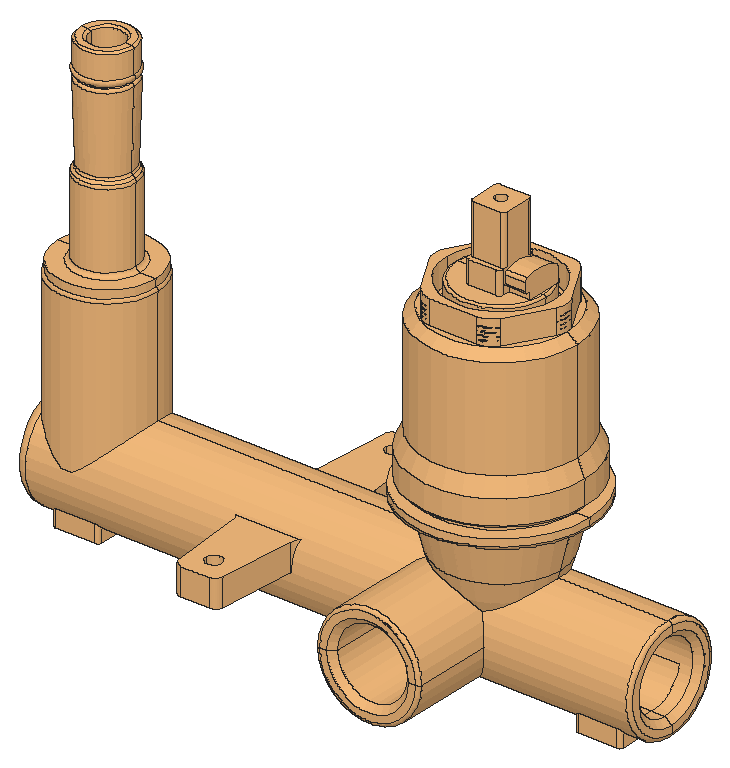
Revit family "Faucet-Valve_Trim-KOHLER-K-26088T_1", category Plumbing Fixtures, host Face, Revit 2017
Family settings
  Host = Face
  Round Connector Dimension = Use Diameter
  Part Type = Normal
  OmniClass Number = 23.31.11.00
  OmniClass Title = Faucets
  Cut with Voids When Loaded = No
  Shared = No
  Room Calculation Point = No
Parameters (values of type "NA")
  Width = 5 75/128"  # constant formula
  WaterSense Certified = 1 = 0  # no
  Waste Water Outlet = "Waste Water Outlet"  # constant formula
  Waste Connection = 1 = 0  # no
  Vent Connection = 1 = 0  # no
  URL = "http://www.kohler.com.cn/"
  Type = 1
  Product Page URL = ""
  Product Name = ""
  Product Documentation Link = ""
  Pressure = 0.00 psi
  Model = "K-26088T-NA"  # constant formula
  Material = "Premium Metal Construction"  # constant formula
  Master Format 2014 Name = "Residential Faucets, Supplies, and Trim"  # constant formula
  Master Format 2014 = "22 41 39"  # constant formula
  Manufacturer Address = "Kohler Beijing Office (100016)\n36-2-03-B, No. 88, Liuxiang Road, Beijing"  # constant formula
  Manufacturer = "KOHLER Co."  # constant formula
  Length = 2 1/8"  # constant formula
  Hot Water Inlet = "Hot Water Inlet"  # constant formula
  Height = 4 95/256"  # constant formula
  HW Connection = 1 = 1  # yes
  Flow Rate = 0 GPM
  Finish = Kohler-Metal-Brass
  Environmental Product Declaration = ""
  Drain Included = 1 = 0  # no
  Description = "SINGLE CONTROL WM LAV VALVE 6P"  # constant formula
  Default Elevation = 36"
  Declare Label = ""
  Date Modified = "08/19/2021"  # constant formula
  Date Created = "08/19/2021"  # constant formula
  Copyright = "Copyright KOHLER Co."  # constant formula
  Contact Us = "http://www.kohler.com.cn/contact/contact-us/"
  Cold Water Inlet = "Cold Water Inlet"  # constant formula
  CW Connection = 1 = 1  # yes
  Assembly Code = "D2010"
  ADA Compliant = 1 = 0  # no
Reference planes (in)
  plane 1 "Center (Front/Back)": y = 0
  plane 2: z = 0
  plane 3 "Center (Left/Right)": x = 0
  plane 4: x = 3.06299
  plane 5: x = 2
  plane 6: x = -2
  plane 7: x = 0.93701
  plane 8: x = 1.72228
  plane 9: z = -1.61059
  plane 10: z = -1.08284
  plane 11: z = 1.39748
  plane 12: z = 0.92504
  plane 13: y = 1.06299
  plane 14: y = 0.55118
  plane 15: y = -1.06201
  plane 16: y = -0.55118
  plane 17: x = 3.73228
  plane 18: z = 2.7605
  plane 19: x = -1.47638
  plane 20: x = -2.52295
Forms (in)
  Revolve 1, void
    sketch origin (0, 0, 0) x (1, 0, 0) y (0, 0, 1)
      loop
        line (-1.47829, -0.55528) -> (-1.47829, 0.16265) -> (-2, 0.16265) -> (-2, -0.55528) -> (-1.47829, -0.55528)
      axis (-2, -0.55528) -> (-2, 0.16265)
    angle from 0 to 360
  Revolve 2, void
    sketch origin (0, 0, 0) x (1, 0, 0) y (0, 0, 1)
      loop
        line (2, 0.10938) -> (2, -0.55528) -> (2.76547, -0.55528) -> (2.76547, 0.10938) -> (2, 0.10938)
      axis (2, 0.10938) -> (2, -0.55528)
    angle from 0 to 360
  Extrusion 3, void
    sketch origin (0, 0, 0) x (1, 0, 0) y (0, 0, 1)
      loop
        line (3.75, -1.61059) -> (3.75, -0.32551) -> (-2.54961, -0.32551) -> (-2.54961, -1.61059) -> (3.75, -1.61059)
    from -1.41555 to 1.3948
Dimensions and locks (in)
  "Length": plane 13 to plane 15
  plane 12 to plane 10 = 2.00787"
  plane 11 to plane 12 = 0.47244"
  plane 6 to plane 5 = 4"
  "Height": plane 18 to plane 9
  "Width": plane 20 to plane 4
  aligned and locked: plane 2 to host face
  aligned and locked: level to host face
Automatic sketch dimensions
  host sketch curve to host sketch curve = 96"  (x2)
  plane 6 to Revolve 1 sketch curve = 0"  (x2)
  Revolve 1 sketch curve to level = 0"
  plane 10 to Revolve 1 sketch curve = 0.52756"
  level to Revolve 1 sketch curve = 0.16265"
  Revolve 1 sketch curve to Revolve 1 sketch curve = 0.00667"
  Revolve 2 sketch curve to plane 5 = 0"  (x2)
  Revolve 2 sketch curve to plane 4 = 0.29752"
  plane 10 to Revolve 2 sketch curve = 0.52756"
  level to Revolve 2 sketch curve = 7/64"
  Revolve 2 sketch curve to Revolve 2 sketch curve = 0"
  plane 10 to Revolve 2 sketch curve = 0.02756"
  Extrusion 3 sketch curve to plane 9 = 0"
  Extrusion 3 sketch curve to plane 17 = 0.01772"
  Extrusion 3 sketch curve to level = 0.32551"
  Revolve 1 sketch curve to Revolve 1 sketch curve = 0.52171"
  plane 20 to Extrusion 3 sketch curve = 0.02667"
Nested families (in)
  nested 1: "K-26088T" at (0, 0.5215, 0), type "K-26088T"
Connectors (in)
  piping at (3.73228, 0, -1.08284), diameter 0.5, driven by "CW Connection", driven by "Cold Water Inlet"
    settings: on nested 1, index 1, connector inside diameter 24", connector length 0", flow factor 0, pipe flow 0 GPM, pressure drop 0.00 psi, fitting loss kfactor 0, connector angle 0.00°, fixture units 0, engagement length 0", angle of deflection 0.00°, flow configuration 0, flow direction 1, fitting loss method 0, system type 20, joint type 0, gender type 0, connector reference index -1, connector utility 1, adjustable connector no, is connector primary yes, connector description "Cold Water Inlet"
  piping at (1.72228, -1.33858, -1.08284), diameter 0.5, driven by "HW Connection", driven by "Hot Water Inlet"
    settings: on nested 1, index 2, connector inside diameter 24", connector length 0", flow factor 0, pipe flow 0 GPM, pressure drop 0.00 psi, fitting loss kfactor 0, connector angle 0.00°, fixture units 0, engagement length 0", angle of deflection 0.00°, flow configuration 0, flow direction 1, fitting loss method 0, system type 19, joint type 0, gender type 0, connector reference index -1, connector utility 1, adjustable connector no, is connector primary no, connector description "Hot Water Inlet"
Definition of nested family "K-26088T"
  Parameters (values of type "K-26088T")
    material = none
  Reference planes (in)
    plane 1 "Center (Front/Back)": y = -0.5215
    plane 2: z = 0
    plane 3 "Center (Left/Right)": x = 0
    plane 4: x = 2
    plane 5: x = -2
    plane 6: x = 3.06299
    plane 7: x = -1.47638
    plane 8: x = -2.55118
    plane 9: x = 0.93701
    plane 10: y = -1.86009
    plane 11: y = -1.5845
    plane 12: y = -1.04193
    plane 13: y = 0.85645
    plane 14: y = 0.54149
    plane 15: x = 1.72228
    plane 16: z = 2.75959
    plane 17: z = 0.92504
    plane 18: z = 1.39748
    plane 19: z = -1.61039
    plane 20: z = -1.08284
    plane 21: z = -0.55528
    plane 22: x = 3.73228
    plane 23: y = -0.00108
    plane 24: x = -2.52362
  Forms (in)
    Revolve 1, solid, detail levels medium+fine
      sketch origin (0, -0.5215, -1.08284) x (1, 0, 0) y (0, 0, -1)
        loop
          line (3.73228, 0.41885) -> (3.73228, 0.48819)
          arc (3.73228, 0.48819) -> (3.72075, 0.51603) -> (3.69291, 0.52756) r 0.03937
          line (3.69291, 0.52756) -> (-2.40194, 0.52756)
          arc (-2.40194, 0.52756) -> (-2.49077, 0.49077) -> (-2.52756, 0.40194) r 0.12562
          line (-2.52756, 0.40194) -> (-2.52756, 0) -> (-2.40945, 0) -> (-2.40945, 0.35471) -> (3.66815, 0.35471) -> (3.73228, 0.41885)
        axis (3.73228, 0) -> (-2.52756, 0)
      angle from 0 to 360
    Revolve 2, solid, detail levels medium+fine
      sketch origin (0, -0.5215, -1.08284) x (1, 0, 0) y (0, 1, 0)
        loop
          line (2.1385, -1.33858) -> (2.21314, -1.33858)
          arc (2.21314, -1.33858) -> (2.2362, -1.32903) -> (2.24575, -1.30597) r 0.03261
          line (2.24575, -1.30597) -> (2.24575, 0) -> (2.07628, 0) -> (2.07628, -1.27636) -> (2.1385, -1.33858)
        axis (1.72228, 0) -> (1.72228, -1.33858)
      angle from 0 to 360
    Extrusion 3, solid, detail levels medium+fine
      sketch origin (0, -0.5215, -1.08284) x (1, 0, 0) y (0, 1, 0)
        loop
          line (3.06299, 0.35433) -> (3.06299, -0.35433)
          arc (3.06299, -0.35433) -> (3.07452, -0.38217) -> (3.10236, -0.3937) r 0.03937
          line (3.10236, -0.3937) -> (3.49606, -0.3937)
          arc (3.49606, -0.3937) -> (3.5239, -0.38217) -> (3.53543, -0.35433) r 0.03937
          line (3.53543, -0.35433) -> (3.53543, 0.35433)
          arc (3.53543, 0.35433) -> (3.5239, 0.38217) -> (3.49606, 0.3937) r 0.03937
          line (3.49606, 0.3937) -> (3.10236, 0.3937)
          arc (3.10236, 0.3937) -> (3.07452, 0.38217) -> (3.06299, 0.35433) r 0.03937
        loop
          arc (-1.76634, 0.35433) -> (-1.77787, 0.38217) -> (-1.80571, 0.3937) r 0.03937
          line (-1.80571, 0.3937) -> (-2.19941, 0.3937)
          arc (-2.19941, 0.3937) -> (-2.22725, 0.38217) -> (-2.23878, 0.35433) r 0.03937
          line (-2.23878, 0.35433) -> (-2.23878, -0.35433)
          arc (-2.23878, -0.35433) -> (-2.22725, -0.38217) -> (-2.19941, -0.3937) r 0.03937
          line (-2.19941, -0.3937) -> (-1.80571, -0.3937)
          arc (-1.80571, -0.3937) -> (-1.77787, -0.38217) -> (-1.76634, -0.35433) r 0.03937
          line (-1.76634, -0.35433) -> (-1.76634, 0.35433)
      from -0.07706 to -0.52756
    Extrusion 4, void
      sketch origin (0, -0.5215, -1.08284) x (0, 0, -1) y (0, 1, 0)
        loop
          circle (0, 0) r 0.35471
      from 3.06299 to 3.73228
    Revolve 5, solid, detail levels medium+fine
      sketch origin (0, -0.5215, -1.08284) x (1, 0, 0) y (0, 0, -1)
        loop
          line (2, 0) -> (2, -3.04457) -> (2.43701, -3.04457)
          arc (2.43701, -3.04457) -> (2.45141, -3.0386) -> (2.45738, -3.0242) r 0.02036
          line (2.45738, -3.0242) -> (2.45738, -2.79833) -> (2.54133, -2.79833) -> (2.68346, -2.79833) -> (2.77788, -2.71029) -> (2.77788, -1.68531) -> (2.8567, -1.51628) -> (2.8567, -1.2709) -> (2.83383, -1.24803) -> (2.758, -1.24803) -> (2.758, -1.1811) -> (2.90556, -1.1811) -> (2.90556, -1.10635)
          arc (2.90556, -1.10635) -> (2.89868, -1.08972) -> (2.88205, -1.08284) r 0.02351
          line (2.88205, -1.08284) -> (2.76511, -1.08284)
          arc (2.76511, -1.08284) -> (2.73586, -1.07276) -> (2.71901, -1.04682) r 0.04751
          line (2.71901, -1.04682) -> (2.60772, -0.60045)
          arc (2.60772, -0.60045) -> (2.49093, -0.28384) -> (2.30842, 0) r 1.55063
          line (2.30842, 0) -> (2, 0)
        axis (2, 0) -> (2, -3.04457)
      angle from 0 to 360
    Revolve 6, solid, detail levels medium+fine
      sketch origin (0, -0.5215, -1.08284) x (1, 0, 0) y (0, 0, -1)
        loop
          line (-1.48265, -1.69336) -> (-1.48265, 0.07242) -> (-2, 0.07242) -> (-2, -3.60458) -> (-1.83405, -3.60458) -> (-1.83405, -3.82309) -> (-1.80918, -3.84252) -> (-1.7488, -3.84252) -> (-1.7248, -3.82309) -> (-1.7248, -3.58912)
          arc (-1.7248, -3.58912) -> (-1.71095, -3.55136) -> (-1.74319, -3.52732) r 0.03364
          line (-1.74319, -3.52732) -> (-1.77923, -3.52732) -> (-1.77923, -3.49606) -> (-1.74825, -3.49606)
          arc (-1.74825, -3.49606) -> (-1.73121, -3.48886) -> (-1.72452, -3.47162) r 0.02373
          line (-1.72452, -3.47162) -> (-1.74779, -2.69646)
          arc (-1.74779, -2.69646) -> (-1.7454, -2.6812) -> (-1.73762, -2.66785) r 0.04182
          line (-1.73762, -2.66785) -> (-1.7153, -2.64204)
          arc (-1.7153, -2.64204) -> (-1.70668, -2.62749) -> (-1.70368, -2.61085) r 0.04767
          line (-1.70368, -2.61085) -> (-1.70368, -1.85319)
          arc (-1.70368, -1.85319) -> (-1.69133, -1.82337) -> (-1.66152, -1.81102) r 0.04216
          line (-1.66152, -1.81102) -> (-1.50049, -1.81102) -> (-1.50049, -1.73228)
          arc (-1.50049, -1.73228) -> (-1.48732, -1.71477) -> (-1.48265, -1.69336) r 0.05137
        axis (-2, 0.07242) -> (-2, -3.84252)
      angle from 0 to 360
    Extrusion 7, solid, detail levels medium+fine
      sketch origin (0, -0.5215, -1.08284) x (1, 0, 0) y (0, 1, 0)
        loop
          line (0.29023, 0.53564) -> (0.22282, 1.30608)
          arc (0.22282, 1.30608) -> (0.19758, 1.35727) -> (0.14438, 1.37795) r 0.07874
          line (0.14438, 1.37795) -> (-0.14368, 1.37795)
          arc (-0.14368, 1.37795) -> (-0.1974, 1.35707) -> (-0.22288, 1.30538) r 0.0795
          line (-0.22288, 1.30538) -> (-0.29023, 0.53564)
          arc (-0.29023, 0.53564) -> (-0.3387, 0.44252) -> (-0.43882, 0.41096) r 0.13716
          line (-0.43882, 0.41096) -> (0.43882, 0.41096)
          arc (0.43882, 0.41096) -> (0.3387, 0.44252) -> (0.29023, 0.53564) r 0.13716
        loop
          circle (0, 1.1417) r 0.08268
        loop
          arc (0.29023, -0.53564) -> (0.3387, -0.44252) -> (0.43882, -0.41096) r 0.13716
          line (0.43882, -0.41096) -> (-0.43882, -0.41096)
          arc (-0.43882, -0.41096) -> (-0.3387, -0.44252) -> (-0.29023, -0.53564) r 0.13716
          line (-0.29023, -0.53564) -> (-0.22288, -1.30538)
          arc (-0.22288, -1.30538) -> (-0.1974, -1.35707) -> (-0.14368, -1.37795) r 0.0795
          line (-0.14368, -1.37795) -> (0.14438, -1.37795)
          arc (0.14438, -1.37795) -> (0.19758, -1.35727) -> (0.22282, -1.30608) r 0.07874
          line (0.22282, -1.30608) -> (0.29023, -0.53564)
        loop
          circle (0, -1.1417) r 0.08268
      from 0 to 0.27559
    Extrusion 8, solid, detail levels coarse
      sketch origin (0, 0, 0) x (0, 1, 0) y (0, 0, 1)
        loop
          circle (-0.5215, -1.08284) r 0.52756
      from -2.52522 to 3.73228
    Extrusion 9, solid, detail levels coarse
      sketch origin (0, -0.5215, 0) x (1, 0, 0) y (0, 0, 1)
        loop
          circle (1.72228, -1.08284) r 0.52347
      from 0 to 1.37795
    Extrusion 10, solid, detail levels coarse
      sketch origin (0, 0, 0) x (1, 0, 0) y (0, 1, 0)
        loop
          line (-0.30634, -0.87293) -> (-0.21654, -1.89946) -> (0.21654, -1.89946) -> (0.30634, -0.87293) -> (-0.30634, -0.87293)
        loop
          line (-0.21654, 0.85645) -> (-0.30634, -0.17008) -> (0.30634, -0.17008) -> (0.21654, 0.85645) -> (-0.21654, 0.85645)
      from -0.80725 to -1.08284
    Revolve 11, solid, detail levels coarse
      sketch origin (0, -0.5215, 0) x (1, 0, 0) y (0, 0, 1)
        loop
          line (2.46841, -1.08284) -> (2.73839, 0) -> (2.92381, 0) -> (2.92381, 0.60247) -> (2.77788, 0.60247) -> (2.77788, 1.98042) -> (2.38418, 1.98042) -> (2.38418, 2.68882) -> (2, 2.68882) -> (2, -1.08284) -> (2.46841, -1.08284)
        axis (2, -1.08284) -> (2, 2.68882)
      angle from 0 to 360
    Extrusion 12, solid, detail levels medium+fine
      sketch origin (0.00535, -3.64731, 0) x (1, 0, 0) y (0, 1, 0)
        loop
          arc (2.1378, 2.88813) -> (2.16563, 2.89966) -> (2.17717, 2.9275) r 0.03937
          line (2.17717, 2.9275) -> (2.17717, 3.28183)
          arc (2.17717, 3.28183) -> (2.16563, 3.30967) -> (2.1378, 3.3212) r 0.03937
          line (2.1378, 3.3212) -> (1.8622, 3.3212)
          arc (1.8622, 3.3212) -> (1.83437, 3.30967) -> (1.82283, 3.28183) r 0.03937
          line (1.82283, 3.28183) -> (1.82283, 2.92877)
          arc (1.82283, 2.92877) -> (1.83474, 2.90003) -> (1.86348, 2.88813) r 0.04064
          line (1.86348, 2.88813) -> (2.1378, 2.88813)
      from 1.96047 to 2.18851
    Extrusion 13, solid, detail levels medium+fine
      sketch origin (0.0115, -3.64731, 0) x (0, 1, 0) y (0, 0, 1)
        loop
          line (2.94741, 2.13577) -> (2.94741, 2.05309)
          arc (2.94741, 2.05309) -> (2.9532, 2.0391) -> (2.96719, 2.03331) r 0.01978
          line (2.96719, 2.03331) -> (3.00102, 2.03331) -> (3.00102, 1.95653) -> (3.34876, 1.95653) -> (3.34876, 2.10828)
          arc (3.34876, 2.10828) -> (3.34317, 2.12849) -> (3.328, 2.14297) r 0.03937
          arc (3.328, 2.14297) -> (3.15333, 2.19433) -> (2.97273, 2.17132) r 0.4443
          arc (2.97273, 2.17132) -> (2.95439, 2.15759) -> (2.94741, 2.13577) r 0.03762
      from 2.17101 to 2.3847
    Extrusion 14, void
      sketch origin (0, 0, 0) x (1, 0, 0) y (0, 1, 0)
        loop
          circle (2, -0.5215) r 0.05906
      from 2.52174 to 2.90561
    Extrusion 15, solid, detail levels medium+fine
      sketch origin (-0.00923, 0, 0) x (1, 0, 0) y (0, 1, 0)
        loop
          arc (1.87678, -0.34973) -> (1.84894, -0.36126) -> (1.83741, -0.3891) r 0.03937
          line (1.83741, -0.3891) -> (1.83741, -0.66469)
          arc (1.83741, -0.66469) -> (1.84894, -0.69253) -> (1.87678, -0.70406) r 0.03937
          line (1.87678, -0.70406) -> (2.15096, -0.70406)
          arc (2.15096, -0.70406) -> (2.1788, -0.69253) -> (2.19033, -0.66469) r 0.03937
          line (2.19033, -0.66469) -> (2.19033, -0.3891)
          arc (2.19033, -0.3891) -> (2.1788, -0.36126) -> (2.15096, -0.34973) r 0.03937
          line (2.15096, -0.34973) -> (1.87678, -0.34973)
      from 2.18851 to 2.68882
    Extrusion 16, solid, detail levels medium+fine
      sketch origin (0, 0, 0) x (1, 0, 0) y (0, 1, 0)
        loop
          line (2.64271, -0.42308) -> (2.40659, -0.01411)
          arc (2.40659, -0.01411) -> (2.33454, 0.05794) -> (2.23612, 0.08431) r 0.19685
          line (2.23612, 0.08431) -> (1.76388, 0.08431)
          arc (1.76388, 0.08431) -> (1.66546, 0.05794) -> (1.59341, -0.01411) r 0.19685
          line (1.59341, -0.01411) -> (1.35729, -0.42308)
          arc (1.35729, -0.42308) -> (1.33092, -0.5215) -> (1.35729, -0.61993) r 0.19685
          line (1.35729, -0.61993) -> (1.59341, -1.02889)
          arc (1.59341, -1.02889) -> (1.66546, -1.10095) -> (1.76388, -1.12732) r 0.19685
          line (1.76388, -1.12732) -> (2.23612, -1.12732)
          arc (2.23612, -1.12732) -> (2.33454, -1.10095) -> (2.40659, -1.02889) r 0.19685
          line (2.40659, -1.02889) -> (2.64271, -0.61993)
          arc (2.64271, -0.61993) -> (2.66908, -0.5215) -> (2.64271, -0.42308) r 0.19685
        loop
          circle (2, -0.5215) r 0.55118
      from 1.64551 to 1.96047
    Sweep 17, void
      path origin (0, 0, 0) x (1, 0, 0) y (0, 1, 0)
        loop
          circle (2, -0.5215) r 1.06299
      profile origin (2, 0.54149, 0) x (0, -1, 0) y (0, 0, 1)
        loop
          line (0.37413, 1.85661) -> (0.40982, 1.87721) -> (0.32184, 1.928) -> (0.32184, 1.70873) -> (0.40535, 1.75694) -> (0.37413, 1.77496) -> (0.40902, 1.79511) -> (0.37413, 1.81525) -> (0.40994, 1.83593) -> (0.37413, 1.85661)
    Revolve 18, solid, detail levels coarse
      sketch origin (0, -0.5215, 0) x (1, 0, 0) y (0, 0, 1)
        loop
          line (-2, -1.08284) -> (-1.48573, -1.08284) -> (-1.48573, 0.92504) -> (-1.66186, 0.92504) -> (-1.66186, 2.75968) -> (-2, 2.75968) -> (-2, -1.08284)
        axis (-2, -1.08284) -> (-2, 2.75968)
      angle from 0 to 360
  Cuts and joins
    joined: Revolve 5, Revolve 6
    joined: Extrusion 8, Extrusion 10, Revolve 11, Revolve 18
    Extrusion 4 cuts Extrusion 3
    Extrusion 14 cuts Extrusion 15
    Sweep 17 cuts Extrusion 16
    joined: Revolve 1, Extrusion 3, Extrusion 7, Extrusion 12, Extrusion 13, Extrusion 15, Extrusion 16
  Lines and regions (in)
    Masking region 1
      outline origin (0, 0, 0) x (0, 1, 0) y (0, 0, 1)
        loop
          arc (-1.28213, 0) -> (-1.25629, -0.00889) -> (-1.24142, -0.03181) r 0.04196
          line (-1.24142, -0.03181) -> (-1.11081, -0.55563) -> (-1.8247, -0.55563)
          arc (-1.8247, -0.55563) -> (-1.84973, -0.56599) -> (-1.86009, -0.59103) r 0.0354
          line (-1.86009, -0.59103) -> (-1.86009, -0.80725) -> (-1.89946, -0.80725) -> (-1.89946, -1.04698)
          arc (-1.89946, -1.04698) -> (-1.88769, -1.0736) -> (-1.86009, -1.08284) r 0.03602
          line (-1.86009, -1.08284) -> (-1.86009, -1.58025)
          arc (-1.86009, -1.58025) -> (-1.85126, -1.60157) -> (-1.82994, -1.61039) r 0.03015
          line (-1.82994, -1.61039) -> (-0.5215, -1.61039) -> (-0.1278, -1.61039) -> (-0.1278, -1.434)
          arc (-0.1278, -1.434) -> (-0.02854, -1.27074) -> (0.00605, -1.08284) r 0.52756
          line (0.00605, -1.08284) -> (0.81708, -1.08284)
          arc (0.81708, -1.08284) -> (0.84492, -1.0713) -> (0.85645, -1.04347) r 0.03937
          line (0.85645, -1.04347) -> (0.85645, -0.80725) -> (-0.00073, -0.80725) -> (-0.00073, -0.73248)
          arc (-0.00073, -0.73248) -> (0.03909, -0.6462) -> (0.0678, -0.55563) r 0.75853
          line (0.0678, -0.55563) -> (0.19841, -0.03181)
          arc (0.19841, -0.03181) -> (0.21329, -0.00889) -> (0.23912, 0) r 0.04196
          line (0.23912, 0) -> (0.36282, 0)
          arc (0.36282, 0) -> (0.37782, 0.00621) -> (0.38403, 0.02121) r 0.02121
          line (0.38403, 0.02121) -> (0.38403, 0.09827) -> (0.2365, 0.09827) -> (0.2365, 0.1652) -> (0.31233, 0.1652) -> (0.3352, 0.18806) -> (0.3352, 0.43344) -> (0.25638, 0.60247) -> (0.25638, 1.62745) -> (0.23371, 1.64859) -> (0.08454, 1.64859) -> (0.08431, 1.96172) -> (-0.25891, 1.96172) -> (-0.24581, 2.38905)
          arc (-0.24581, 2.38905) -> (-0.25242, 2.4061) -> (-0.26926, 2.41323) r 0.02346
          line (-0.26926, 2.41323) -> (-0.30073, 2.41323) -> (-0.30073, 2.44448) -> (-0.26432, 2.44448)
          arc (-0.26432, 2.44448) -> (-0.23213, 2.46863) -> (-0.2463, 2.50629) r 0.03353
          line (-0.2463, 2.50629) -> (-0.2463, 2.74025) -> (-0.2703, 2.75968) -> (-0.64711, 2.75968) -> (-0.77271, 2.75968) -> (-0.7967, 2.74025) -> (-0.7967, 2.50629)
          arc (-0.7967, 2.50629) -> (-0.81088, 2.46863) -> (-0.77869, 2.44448) r 0.03353
          line (-0.77869, 2.44448) -> (-0.74228, 2.44448) -> (-0.74228, 2.41323) -> (-0.77375, 2.41323)
          arc (-0.77375, 2.41323) -> (-0.79059, 2.4061) -> (-0.7972, 2.38905) r 0.02346
          line (-0.7972, 2.38905) -> (-0.7841, 1.96172) -> (-1.12732, 1.96172) -> (-1.12755, 1.64859) -> (-1.27672, 1.64859) -> (-1.29939, 1.62745) -> (-1.29939, 0.60247) -> (-1.37821, 0.43344) -> (-1.37821, 0.18806) -> (-1.35534, 0.1652) -> (-1.27951, 0.1652) -> (-1.27951, 0.09827) -> (-1.42704, 0.09827) -> (-1.42704, 0.02121)
          arc (-1.42704, 0.02121) -> (-1.42083, 0.00621) -> (-1.40583, 0) r 0.02121
          line (-1.40583, 0) -> (-1.28213, 0)
    Masking region 2
      outline origin (0, -0.5215, 0) x (1, 0, 0) y (0, 0, 1)
        loop
          line (2.758, 0.09827) -> (2.758, 0.1652) -> (2.83383, 0.1652) -> (2.8567, 0.18806) -> (2.8567, 0.43344) -> (2.77788, 0.60247) -> (2.77788, 1.62745) -> (2.75522, 1.64859) -> (2.6691, 1.64859) -> (2.6691, 1.96172) -> (2.39621, 1.96172) -> (2.39621, 2.19574) -> (2.1811, 2.19574) -> (2.1811, 2.66126)
          arc (2.1811, 2.66126) -> (2.17303, 2.68075) -> (2.15354, 2.68882) r 0.02756
          line (2.15354, 2.68882) -> (1.85574, 2.68882)
          arc (1.85574, 2.68882) -> (1.83626, 2.68075) -> (1.82819, 2.66126) r 0.02756
          line (1.82819, 2.66126) -> (1.82819, 1.96172) -> (1.3309, 1.96172) -> (1.3309, 1.64859) -> (1.24478, 1.64859) -> (1.22212, 1.62745) -> (1.22212, 0.60247) -> (1.1433, 0.43344) -> (1.1433, 0.18806) -> (1.16617, 0.1652) -> (1.242, 0.1652) -> (1.242, 0.09827) -> (1.09447, 0.09827) -> (1.09447, 0.02124)
          arc (1.09447, 0.02124) -> (1.10069, 0.00622) -> (1.11571, 0) r 0.02124
          line (1.11571, 0) -> (2.88429, 0)
          arc (2.88429, 0) -> (2.89931, 0.00622) -> (2.90553, 0.02124) r 0.02124
          line (2.90553, 0.02124) -> (2.90553, 0.09827) -> (2.758, 0.09827)
        loop
          arc (-2.25196, 1.6146) -> (-2.25446, 1.59865) -> (-2.26261, 1.5847) r 0.04354
          line (-2.26261, 1.5847) -> (-2.28446, 1.55958)
          arc (-2.28446, 1.55958) -> (-2.29306, 1.54513) -> (-2.29605, 1.52858) r 0.04724
          line (-2.29605, 1.52858) -> (-2.29605, 0.77028)
          arc (-2.29605, 0.77028) -> (-2.30838, 0.74052) -> (-2.33814, 0.72819) r 0.0421
          line (-2.33814, 0.72819) -> (-2.49951, 0.72819) -> (-2.49951, 0.64945)
          arc (-2.49951, 0.64945) -> (-2.5126, 0.63269) -> (-2.51727, 0.61193) r 0.0485
          line (-2.51727, 0.61193) -> (-2.51727, 0) -> (-1.48273, 0) -> (-1.48273, 0.61193)
          arc (-1.48273, 0.61193) -> (-1.4874, 0.63269) -> (-1.50049, 0.64945) r 0.0485
          line (-1.50049, 0.64945) -> (-1.50049, 0.72819) -> (-1.66186, 0.72819)
          arc (-1.66186, 0.72819) -> (-1.69162, 0.74052) -> (-1.70395, 0.77028) r 0.0421
          line (-1.70395, 0.77028) -> (-1.70395, 1.52858)
          arc (-1.70395, 1.52858) -> (-1.70694, 1.54513) -> (-1.71554, 1.55958) r 0.04724
          line (-1.71554, 1.55958) -> (-1.73739, 1.5847)
          arc (-1.73739, 1.5847) -> (-1.74554, 1.59865) -> (-1.74804, 1.6146) r 0.04354
          line (-1.74804, 1.6146) -> (-1.72431, 2.38905)
          arc (-1.72431, 2.38905) -> (-1.73091, 2.4061) -> (-1.74775, 2.41323) r 0.02346
          line (-1.74775, 2.41323) -> (-1.77923, 2.41323) -> (-1.77923, 2.44448) -> (-1.74282, 2.44448)
          arc (-1.74282, 2.44448) -> (-1.71063, 2.46863) -> (-1.7248, 2.50629) r 0.03353
          line (-1.7248, 2.50629) -> (-1.7248, 2.74025) -> (-1.7488, 2.75968) -> (-2.2512, 2.75968) -> (-2.2752, 2.74025) -> (-2.2752, 2.50629)
          arc (-2.2752, 2.50629) -> (-2.28937, 2.46863) -> (-2.25718, 2.44448) r 0.03353
          line (-2.25718, 2.44448) -> (-2.22077, 2.44448) -> (-2.22077, 2.41323) -> (-2.25225, 2.41323)
          arc (-2.25225, 2.41323) -> (-2.26909, 2.4061) -> (-2.27569, 2.38905) r 0.02346
          line (-2.27569, 2.38905) -> (-2.25196, 1.6146)
    Masking region 3, detail levels medium+fine
      outline origin (0, -0.5215, 0) x (1, 0, 0) y (0, 0, 1)
        loop
          arc (3.70472, -1.61039) -> (3.72421, -1.60232) -> (3.73228, -1.58284) r 0.02756
          line (3.73228, -1.58284) -> (3.73228, -0.58284)
          arc (3.73228, -0.58284) -> (3.72421, -0.56335) -> (3.70472, -0.55528) r 0.02756
          line (3.70472, -0.55528) -> (2.58764, -0.55528) -> (2.71562, -0.04198)
          arc (2.71562, -0.04198) -> (2.73181, -0.0144) -> (2.76037, 0) r 0.05659
          line (2.76037, 0) -> (1.23963, 0)
          arc (1.23963, 0) -> (1.26819, -0.0144) -> (1.28438, -0.04198) r 0.05659
          line (1.28438, -0.04198) -> (1.41236, -0.55528) -> (-1.48273, -0.55528) -> (-1.48273, 0) -> (-2.51727, 0) -> (-2.51727, -0.63106)
          arc (-2.51727, -0.63106) -> (-2.52487, -0.6552) -> (-2.52744, -0.68038) r 0.12467
          line (-2.52744, -0.68038) -> (-2.52744, -1.49228)
          arc (-2.52744, -1.49228) -> (-2.49284, -1.5758) -> (-2.40933, -1.61039) r 0.11811
          line (-2.40933, -1.61039) -> (3.70472, -1.61039)
    Masking region 4
      outline origin (0, 0, 0) x (1, 0, 0) y (0, 1, 0)
        loop
          circle (2, -0.5215) r 1.06299
        loop
          circle (-2, -0.5215) r 0.52362
    symbolic lines, detail levels medium+fine
      curve 1: line (0, -0.19044, -0.67208) -> (0, -0.5215, -0.64004)
      curve 2: arc (0, 0.00543, -1.08277) -> (0, -0.04449, -0.85453) -> (0, -0.19044, -0.67208) r 0.51308
      curve 3: line (0, -0.00162, -0.99032) -> (0, -0.00162, 0.60819)
      curve 4: arc (0, -0.1278, -1.434) -> (0, -0.3058, -1.56428) -> (0, -0.5215, -1.61039) r 0.52756
      curve 5: line (0, -1.86009, -0.80725) -> (0, -0.97136, -0.80725)
      curve 6: arc (0, -0.85257, -0.67208) -> (0, -1.01901, -1.25837) -> (0, -0.5215, -1.61039) r 0.52756
      curve 7: line (0, -0.85257, -0.67208) -> (0, -0.5215, -0.64004)
      curve 8: line (0, -1.86009, -1.08284) -> (0, -1.04906, -1.08284)
      curve 9: line (0, -1.04139, -0.99318) -> (0, -1.04139, 0.60819)
      curve 10: line (-2.40194, -0.5215, -0.67208) -> (-1.47927, -0.5215, -0.55528)
      curve 11: line (-2.52073, -0.5215, -0.64004) -> (-2.40194, -0.5215, -0.67208)
      curve 12: spline (0.32996, -0.5215, -0.80725) -> (0.32114, -0.5215, -0.8275) -> (0.3133, -0.5215, -0.84849) -> (0.30644, -0.5215, -0.87014) -> (0.3006, -0.5215, -0.89238) -> (0.29579, -0.5215, -0.91515) -> (0.29203, -0.5215, -0.93837) -> (0.28933, -0.5215, -0.96196) -> (0.2877, -0.5215, -0.98585) -> (0.28715, -0.5215, -1.00996) -> (0.28767, -0.5215, -1.03421) -> (0.28926, -0.5215, -1.05853) -> (0.29192, -0.5215, -1.08284)
      curve 13: line (-0.29118, -0.5215, -1.08284) -> (-0.33064, -0.5215, -0.80725)
      curve 14: line (0.32996, -0.5215, -0.80725) -> (-0.33064, -0.5215, -0.80725)
      curve 15: line (-0.29118, -0.5215, -1.08284) -> (0.29192, -0.5215, -1.08284)
      curve 16: line (-2.20194, -0.5215, -1.434) -> (-1.80346, -0.5215, -1.434)
      curve 17: spline (-1.80346, -0.5215, -1.434) -> (-1.79828, -0.5215, -1.43546) -> (-1.79333, -0.5215, -1.43729) -> (-1.78867, -0.5215, -1.43945) -> (-1.78433, -0.5215, -1.44192) -> (-1.78038, -0.5215, -1.44468) -> (-1.77686, -0.5215, -1.4477) -> (-1.77381, -0.5215, -1.45093) -> (-1.77126, -0.5215, -1.45435) -> (-1.76925, -0.5215, -1.4579) -> (-1.7678, -0.5215, -1.46156) -> (-1.76692, -0.5215, -1.46528) -> (-1.76662, -0.5215, -1.46901)
      curve 18: spline (-2.2385, -0.5215, -1.46885) -> (-2.23821, -0.5215, -1.46505) -> (-2.23734, -0.5215, -1.46128) -> (-2.23589, -0.5215, -1.45758) -> (-2.2339, -0.5215, -1.454) -> (-2.23138, -0.5215, -1.45058) -> (-2.22835, -0.5215, -1.44736) -> (-2.22486, -0.5215, -1.44437) -> (-2.22094, -0.5215, -1.44164) -> (-2.21664, -0.5215, -1.43922) -> (-2.212, -0.5215, -1.43712) -> (-2.20708, -0.5215, -1.43538) -> (-2.20194, -0.5215, -1.434)
      curve 19: line (-2.23878, -0.5215, -1.46885) -> (-2.23878, -0.5215, -1.61039)
      curve 20: line (-1.76634, -0.5215, -1.61039) -> (-1.76634, -0.5215, -1.46901)
      curve 21: line (3.53543, -0.5215, -1.61039) -> (3.53543, -0.5215, -1.47369)
      curve 22: spline (3.49831, -0.5215, -1.434) -> (3.50401, -0.5215, -1.43564) -> (3.50942, -0.5215, -1.43771) -> (3.51448, -0.5215, -1.44018) -> (3.51912, -0.5215, -1.44303) -> (3.52326, -0.5215, -1.44621) -> (3.52686, -0.5215, -1.44967) -> (3.52986, -0.5215, -1.45338) -> (3.53221, -0.5215, -1.45727) -> (3.53389, -0.5215, -1.46129) -> (3.53487, -0.5215, -1.46539) -> (3.53514, -0.5215, -1.46951) -> (3.5347, -0.5215, -1.47359)
      curve 23: line (3.06299, -0.5215, -1.47369) -> (3.06299, -0.5215, -1.61039)
      curve 24: spline (3.06373, -0.5215, -1.47361) -> (3.06328, -0.5215, -1.46943) -> (3.06354, -0.5215, -1.46523) -> (3.0645, -0.5215, -1.46106) -> (3.06616, -0.5215, -1.45699) -> (3.06849, -0.5215, -1.45307) -> (3.07146, -0.5215, -1.44936) -> (3.07503, -0.5215, -1.4459) -> (3.07914, -0.5215, -1.44275) -> (3.08375, -0.5215, -1.43995) -> (3.08878, -0.5215, -1.43754) -> (3.09416, -0.5215, -1.43554) -> (3.09983, -0.5215, -1.434)
      curve 25: line (3.09983, -0.5215, -1.434) -> (3.49831, -0.5215, -1.434)
      curve 26: arc (1.19881, -0.5215, -1.08284) -> (1.72228, -0.5215, -0.55937) -> (2.24575, -0.5215, -1.08284) r 0.52347
      curve 27: arc (2.24575, -0.5215, -1.08284) -> (1.72228, -0.5215, -1.6063) -> (1.19881, -0.5215, -1.08284) r 0.52347
      curve 28: arc (1.30606, -0.5215, -1.08284) -> (1.72228, -0.5215, -1.49906) -> (2.1385, -0.5215, -1.08284) r 0.41622
      curve 29: arc (2.1385, -0.5215, -1.08284) -> (1.72228, -0.5215, -0.66662) -> (1.30606, -0.5215, -1.08284) r 0.41622
      curve 30: arc (1.36828, -0.5215, -1.08284) -> (1.72228, -0.5215, -0.72884) -> (2.07628, -0.5215, -1.08284) r 0.354
      curve 31: arc (2.07628, -0.5215, -1.08284) -> (1.72228, -0.5215, -1.43684) -> (1.36828, -0.5215, -1.08284) r 0.354
      curve 32: arc (2.58764, -0.5215, -0.55528) -> (2.39082, -0.5215, -0.70313) -> (2.16924, -0.5215, -0.81035) r 1.27373
      curve 33: arc (1.41236, -0.5215, -0.55528) -> (1.44976, -0.5215, -0.58502) -> (1.48662, -0.5215, -0.61541) r 2.70477
      curve 34: circle (2, -0.5215, 0) r 0.73468 normal (0, 0, 1)
      curve 35: circle (2, -0.5215, 0) r 0.69954 normal (0, 0, 1)
      curve 36: circle (-2, -0.5215, 0) r 0.51181 normal (0, 0, 1)
      curve 45: line (0, -1.28213, 0) -> (0, -1.04139, 0)
      curve 46: line (0, 0.23912, 0) -> (0, -0.00162, 0)
      curve 47: line (0, -0.022, 0.64945) -> (0, -0.022, 0.72819)
      curve 48: line (0, -0.022, 0.72819) -> (0, -0.18937, 0.72819)
      curve 49: line (0, -0.22508, 1.52684) -> (0, -0.22508, 0.77237)
      curve 50: arc (0, -0.22508, 0.77237) -> (0, -0.21315, 0.74213) -> (0, -0.18379, 0.72819) r 0.04428
      curve 51: line (0, -0.25587, 1.58169) -> (0, -0.23541, 1.55731)
      curve 52: arc (0, -0.23541, 1.55731) -> (0, -0.22738, 1.54305) -> (0, -0.22508, 1.52684) r 0.04432
      curve 53: arc (0, -0.26901, 1.62745) -> (0, -0.26729, 1.60318) -> (0, -0.25587, 1.58169) r 0.05859
      curve 54: line (0, -0.26901, 1.62745) -> (0, -0.25891, 1.96172)
      curve 55: arc (0, -0.022, 0.64945) -> (0, -0.00846, 0.63077) -> (0, -0.00367, 0.60819) r 0.05559
      curve 56: line (0, -1.02101, 0.64945) -> (0, -1.02101, 0.72819)
      curve 57: line (0, -1.02101, 0.72819) -> (0, -0.85922, 0.72819)
      curve 58: line (0, -0.81793, 1.52684) -> (0, -0.81793, 0.77237)
      curve 59: arc (0, -0.81793, 0.77237) -> (0, -0.82986, 0.74213) -> (0, -0.85922, 0.72819) r 0.04428
      curve 60: line (0, -0.78714, 1.58169) -> (0, -0.8076, 1.55731)
      curve 61: arc (0, -0.8076, 1.55731) -> (0, -0.81563, 1.54305) -> (0, -0.81793, 1.52684) r 0.04432
      curve 62: arc (0, -0.774, 1.62745) -> (0, -0.77571, 1.60318) -> (0, -0.78714, 1.58169) r 0.05859
      curve 63: line (0, -0.774, 1.62745) -> (0, -0.7841, 1.96172)
      curve 64: arc (0, -1.02101, 0.64945) -> (0, -1.03455, 0.63077) -> (0, -1.03934, 0.60819) r 0.05559
      curve 65: line (0, -0.7967, 2.74025) -> (0, -0.2463, 2.74025)
      curve 66: line (0, -0.2463, 2.50629) -> (0, -0.7967, 2.50629)
      curve 67: line (0, -0.30073, 2.44448) -> (0, -0.74228, 2.44448)
      curve 68: line (0, -0.74228, 2.41323) -> (0, -0.30073, 2.41323)
      curve 69: line (0, -0.77571, 1.60318) -> (0, -0.26729, 1.60318)
      curve 70: line (0, -0.81563, 1.54305) -> (0, -0.22738, 1.54305)
      curve 71: line (0, -0.85922, 0.72819) -> (0, -0.18379, 0.72819)
      curve 72: line (0, -0.022, 0.64945) -> (0, -1.02101, 0.64945)
      curve 73: line (0, -1.04139, 0.60819) -> (0, -0.00162, 0.60819)
      curve 74: line (0, 0.25638, 0.60247) -> (0, -0.00162, 0.60247)
      curve 75: line (0, 0.2365, 0.1652) -> (0, -0.00162, 0.1652)
      curve 76: line (0, 0.2365, 0.09827) -> (0, -0.00162, 0.09827)
      curve 77: line (0, 0.3352, 0.43344) -> (0, -0.00162, 0.43344)
      curve 78: line (0, -1.27951, 0.1652) -> (0, -1.04139, 0.1652)
      curve 79: line (0, -1.27951, 0.09827) -> (0, -1.04139, 0.09827)
      curve 80: line (0, -1.37821, 0.18806) -> (0, -1.04139, 0.18806)
      curve 81: line (0, -1.37821, 0.43344) -> (0, -1.04139, 0.43344)
      curve 82: line (0, -1.29939, 0.60247) -> (0, -1.04139, 0.60247)
      curve 83: line (0, -1.12755, 1.64859) -> (0, -0.77464, 1.64859)
      curve 84: line (0, 0.08454, 1.64859) -> (0, -0.26837, 1.64859)
      curve 85: line (0, 0.25638, 1.62745) -> (0, -0.26901, 1.62745)
      curve 86: line (0, -1.29939, 1.62745) -> (0, -0.774, 1.62745)
      curve 87: spline (0, -1.03619, 1.87721) -> (0, -1.04901, 1.88002) -> (0, -1.06114, 1.88235) -> (0, -1.07246, 1.88418) -> (0, -1.08291, 1.8855) -> (0, -1.0924, 1.88629) -> (0, -1.10086, 1.88656) -> (0, -1.10824, 1.88629) -> (0, -1.11446, 1.8855) -> (0, -1.1195, 1.88418) -> (0, -1.12331, 1.88235) -> (0, -1.12586, 1.88002) -> (0, -1.12713, 1.87721)
      curve 88: spline (0, -1.12713, 1.87721) -> (0, -1.12586, 1.8744) -> (0, -1.12331, 1.87207) -> (0, -1.1195, 1.87024) -> (0, -1.11447, 1.86892) -> (0, -1.10824, 1.86813) -> (0, -1.10087, 1.86787) -> (0, -1.0924, 1.86813) -> (0, -1.08291, 1.86892) -> (0, -1.07246, 1.87024) -> (0, -1.06114, 1.87207) -> (0, -1.04902, 1.8744) -> (0, -1.03619, 1.87721)
      curve 89: line (0, -1.03619, 1.87721) -> (0, -1.12713, 1.87721)
      curve 90: spline (0, -1.03587, 1.83593) -> (0, -1.04877, 1.83876) -> (0, -1.06095, 1.84111) -> (0, -1.07233, 1.84295) -> (0, -1.08283, 1.84428) -> (0, -1.09237, 1.84508) -> (0, -1.10086, 1.84535) -> (0, -1.10826, 1.84508) -> (0, -1.11451, 1.84428) -> (0, -1.11955, 1.84295) -> (0, -1.12336, 1.84111) -> (0, -1.1259, 1.83876) -> (0, -1.12715, 1.83593)
      curve 91: line (0, -1.12715, 1.83593) -> (0, -1.03587, 1.83593)
      curve 92: spline (0, -1.12715, 1.83593) -> (0, -1.12589, 1.8331) -> (0, -1.12336, 1.83075) -> (0, -1.11955, 1.8289) -> (0, -1.11451, 1.82757) -> (0, -1.10826, 1.82677) -> (0, -1.10086, 1.82651) -> (0, -1.09236, 1.82677) -> (0, -1.08283, 1.82757) -> (0, -1.07233, 1.8289) -> (0, -1.06095, 1.83075) -> (0, -1.04877, 1.8331) -> (0, -1.03587, 1.83593)
      curve 93: spline (0, -1.03821, 1.79511) -> (0, -1.05062, 1.79778) -> (0, -1.06235, 1.79999) -> (0, -1.07331, 1.80173) -> (0, -1.08343, 1.80298) -> (0, -1.09264, 1.80373) -> (0, -1.10087, 1.80399) -> (0, -1.10807, 1.80373) -> (0, -1.11418, 1.80298) -> (0, -1.11916, 1.80173) -> (0, -1.12297, 1.79999) -> (0, -1.1256, 1.79778) -> (0, -1.12701, 1.79511)
      curve 94: line (0, -1.03821, 1.79511) -> (0, -1.12701, 1.79511)
      curve 95: spline (0, -1.12701, 1.79511) -> (0, -1.1256, 1.79244) -> (0, -1.12297, 1.79023) -> (0, -1.11916, 1.78849) -> (0, -1.11418, 1.78724) -> (0, -1.10807, 1.78649) -> (0, -1.10087, 1.78624) -> (0, -1.09264, 1.78649) -> (0, -1.08343, 1.78724) -> (0, -1.07331, 1.78849) -> (0, -1.06235, 1.79023) -> (0, -1.05062, 1.79244) -> (0, -1.03821, 1.79511)
      curve 96: spline (0, -1.04808, 1.75694) -> (0, -1.05844, 1.75896) -> (0, -1.06825, 1.76063) -> (0, -1.07744, 1.76194) -> (0, -1.08598, 1.76288) -> (0, -1.09381, 1.76344) -> (0, -1.1009, 1.76363) -> (0, -1.10721, 1.76344) -> (0, -1.1127, 1.76288) -> (0, -1.11734, 1.76194) -> (0, -1.12112, 1.76063) -> (0, -1.124, 1.75896) -> (0, -1.12598, 1.75694)
      curve 97: line (0, -1.04808, 1.75694) -> (0, -1.12598, 1.75694)
      curve 98: spline (0, -1.12598, 1.75694) -> (0, -1.124, 1.75492) -> (0, -1.12112, 1.75325) -> (0, -1.11735, 1.75194) -> (0, -1.1127, 1.75101) -> (0, -1.10721, 1.75044) -> (0, -1.1009, 1.75025) -> (0, -1.09381, 1.75044) -> (0, -1.08598, 1.75101) -> (0, -1.07744, 1.75194) -> (0, -1.06825, 1.75325) -> (0, -1.05844, 1.75492) -> (0, -1.04808, 1.75694)
      curve 99: spline (0, -0.00682, 1.87721) -> (0, 0.00601, 1.88002) -> (0, 0.01813, 1.88235) -> (0, 0.02945, 1.88418) -> (0, 0.0399, 1.8855) -> (0, 0.04939, 1.88629) -> (0, 0.05785, 1.88656) -> (0, 0.06523, 1.88629) -> (0, 0.07145, 1.8855) -> (0, 0.07649, 1.88418) -> (0, 0.0803, 1.88235) -> (0, 0.08285, 1.88002) -> (0, 0.08412, 1.87721)
      curve 100: spline (0, 0.08412, 1.87721) -> (0, 0.08285, 1.8744) -> (0, 0.0803, 1.87207) -> (0, 0.07649, 1.87024) -> (0, 0.07146, 1.86892) -> (0, 0.06523, 1.86813) -> (0, 0.05786, 1.86787) -> (0, 0.04939, 1.86813) -> (0, 0.0399, 1.86892) -> (0, 0.02946, 1.87024) -> (0, 0.01813, 1.87207) -> (0, 0.00601, 1.8744) -> (0, -0.00682, 1.87721)
      curve 101: line (0, -0.00682, 1.87721) -> (0, 0.08412, 1.87721)
      curve 102: spline (0, -0.00714, 1.83593) -> (0, 0.00576, 1.83876) -> (0, 0.01794, 1.84111) -> (0, 0.02932, 1.84295) -> (0, 0.03982, 1.84428) -> (0, 0.04936, 1.84508) -> (0, 0.05786, 1.84535) -> (0, 0.06525, 1.84508) -> (0, 0.0715, 1.84428) -> (0, 0.07654, 1.84295) -> (0, 0.08035, 1.84111) -> (0, 0.08289, 1.83876) -> (0, 0.08414, 1.83593)
      curve 103: line (0, 0.08414, 1.83593) -> (0, -0.00714, 1.83593)
      curve 104: spline (0, 0.08414, 1.83593) -> (0, 0.08289, 1.8331) -> (0, 0.08035, 1.83075) -> (0, 0.07654, 1.8289) -> (0, 0.0715, 1.82757) -> (0, 0.06525, 1.82677) -> (0, 0.05785, 1.82651) -> (0, 0.04935, 1.82677) -> (0, 0.03982, 1.82757) -> (0, 0.02932, 1.8289) -> (0, 0.01794, 1.83075) -> (0, 0.00576, 1.8331) -> (0, -0.00714, 1.83593)
      curve 105: spline (0, -0.0048, 1.79511) -> (0, 0.00761, 1.79778) -> (0, 0.01934, 1.79999) -> (0, 0.0303, 1.80173) -> (0, 0.04042, 1.80298) -> (0, 0.04963, 1.80373) -> (0, 0.05786, 1.80399) -> (0, 0.06506, 1.80373) -> (0, 0.07117, 1.80298) -> (0, 0.07615, 1.80173) -> (0, 0.07996, 1.79999) -> (0, 0.08259, 1.79778) -> (0, 0.084, 1.79511)
      curve 106: line (0, -0.0048, 1.79511) -> (0, 0.084, 1.79511)
      curve 107: spline (0, 0.084, 1.79511) -> (0, 0.08259, 1.79244) -> (0, 0.07997, 1.79023) -> (0, 0.07615, 1.78849) -> (0, 0.07117, 1.78724) -> (0, 0.06506, 1.78649) -> (0, 0.05786, 1.78624) -> (0, 0.04963, 1.78649) -> (0, 0.04042, 1.78724) -> (0, 0.0303, 1.78849) -> (0, 0.01934, 1.79023) -> (0, 0.00761, 1.79244) -> (0, -0.0048, 1.79511)
      curve 108: spline (0, 0.00507, 1.75694) -> (0, 0.01543, 1.75896) -> (0, 0.02524, 1.76063) -> (0, 0.03443, 1.76194) -> (0, 0.04297, 1.76288) -> (0, 0.0508, 1.76344) -> (0, 0.05789, 1.76363) -> (0, 0.0642, 1.76344) -> (0, 0.06969, 1.76288) -> (0, 0.07434, 1.76194) -> (0, 0.07811, 1.76063) -> (0, 0.08099, 1.75896) -> (0, 0.08297, 1.75694)
      curve 109: line (0, 0.00507, 1.75694) -> (0, 0.08297, 1.75694)
      curve 110: spline (0, 0.08297, 1.75694) -> (0, 0.08099, 1.75492) -> (0, 0.07811, 1.75325) -> (0, 0.07434, 1.75194) -> (0, 0.06969, 1.75101) -> (0, 0.0642, 1.75044) -> (0, 0.0579, 1.75025) -> (0, 0.05081, 1.75044) -> (0, 0.04297, 1.75101) -> (0, 0.03443, 1.75194) -> (0, 0.02524, 1.75325) -> (0, 0.01543, 1.75492) -> (0, 0.00507, 1.75694)
      curve 111: line (-1.50049, -0.5215, 0.64945) -> (-2.49951, -0.5215, 0.64945)
      curve 112: line (-1.48273, -0.5215, 0.61193) -> (-2.51727, -0.5215, 0.61193)
      curve 113: line (-1.66186, -0.5215, 0.72819) -> (-2.33814, -0.5215, 0.72819)
      curve 114: line (-1.74554, -0.5215, 1.59865) -> (-2.25446, -0.5215, 1.59865)
      curve 115: line (-2.29306, -0.5215, 1.54513) -> (-1.70694, -0.5215, 1.54513)
      curve 116: line (-1.77923, -0.5215, 2.41323) -> (-2.22077, -0.5215, 2.41323)
      curve 117: line (-2.22077, -0.5215, 2.44448) -> (-1.77923, -0.5215, 2.44448)
      curve 118: line (-1.7248, -0.5215, 2.50629) -> (-2.2752, -0.5215, 2.50629)
      curve 119: line (-1.7248, -0.5215, 2.74025) -> (-2.2752, -0.5215, 2.74025)
      curve 120: line (2.758, -0.5215, 0.09827) -> (1.242, -0.5215, 0.09827)
      curve 121: line (2.758, -0.5215, 0.1652) -> (1.242, -0.5215, 0.1652)
      curve 122: line (2.8567, -0.5215, 0.18806) -> (1.1433, -0.5215, 0.18806)
      curve 123: line (1.1433, -0.5215, 0.43344) -> (2.8567, -0.5215, 0.43344)
      curve 124: line (1.22212, -0.5215, 0.60247) -> (2.77788, -0.5215, 0.60247)
      curve 125: line (2.6691, -0.5215, 1.64859) -> (1.3309, -0.5215, 1.64859)
      curve 126: line (2.77788, -0.5215, 1.62745) -> (1.22212, -0.5215, 1.62745)
      curve 127: spline (2.24465, -0.5215, 1.87721) -> (2.26019, -0.5215, 1.88002) -> (2.27566, -0.5215, 1.88235) -> (2.29094, -0.5215, 1.88418) -> (2.30591, -0.5215, 1.8855) -> (2.32046, -0.5215, 1.88629) -> (2.33449, -0.5215, 1.88656) -> (2.34789, -0.5215, 1.88629) -> (2.36056, -0.5215, 1.8855) -> (2.37241, -0.5215, 1.88418) -> (2.38334, -0.5215, 1.88235) -> (2.39329, -0.5215, 1.88002) -> (2.40216, -0.5215, 1.87721)
      curve 128: spline (2.40216, -0.5215, 1.87721) -> (2.39329, -0.5215, 1.8744) -> (2.38335, -0.5215, 1.87207) -> (2.37241, -0.5215, 1.87024) -> (2.36056, -0.5215, 1.86892) -> (2.34789, -0.5215, 1.86813) -> (2.33449, -0.5215, 1.86787) -> (2.32047, -0.5215, 1.86813) -> (2.30591, -0.5215, 1.86892) -> (2.29094, -0.5215, 1.87024) -> (2.27566, -0.5215, 1.87207) -> (2.26019, -0.5215, 1.8744) -> (2.24465, -0.5215, 1.87721)
      curve 129: line (2.40216, -0.5215, 1.87721) -> (2.24465, -0.5215, 1.87721)
      curve 130: spline (2.24427, -0.5215, 1.83593) -> (2.25988, -0.5215, 1.83876) -> (2.27542, -0.5215, 1.84111) -> (2.29076, -0.5215, 1.84295) -> (2.30579, -0.5215, 1.84428) -> (2.32041, -0.5215, 1.84508) -> (2.33449, -0.5215, 1.84535) -> (2.34794, -0.5215, 1.84508) -> (2.36066, -0.5215, 1.84428) -> (2.37255, -0.5215, 1.84295) -> (2.38351, -0.5215, 1.84111) -> (2.39348, -0.5215, 1.83876) -> (2.40236, -0.5215, 1.83593)
      curve 131: spline (2.40236, -0.5215, 1.83593) -> (2.39348, -0.5215, 1.8331) -> (2.38351, -0.5215, 1.83075) -> (2.37255, -0.5215, 1.8289) -> (2.36066, -0.5215, 1.82757) -> (2.34794, -0.5215, 1.82677) -> (2.33449, -0.5215, 1.82651) -> (2.32041, -0.5215, 1.82677) -> (2.30579, -0.5215, 1.82757) -> (2.29076, -0.5215, 1.8289) -> (2.27542, -0.5215, 1.83075) -> (2.25988, -0.5215, 1.8331) -> (2.24427, -0.5215, 1.83593)
      curve 132: line (2.40236, -0.5215, 1.83593) -> (2.24427, -0.5215, 1.83593)
      curve 133: spline (2.24705, -0.5215, 1.79511) -> (2.2622, -0.5215, 1.79778) -> (2.27725, -0.5215, 1.79999) -> (2.29211, -0.5215, 1.80173) -> (2.30668, -0.5215, 1.80298) -> (2.32084, -0.5215, 1.80373) -> (2.3345, -0.5215, 1.80399) -> (2.34756, -0.5215, 1.80373) -> (2.35993, -0.5215, 1.80298) -> (2.37153, -0.5215, 1.80173) -> (2.38226, -0.5215, 1.79999) -> (2.39206, -0.5215, 1.79778) -> (2.40086, -0.5215, 1.79511)
      curve 134: spline (2.40086, -0.5215, 1.79511) -> (2.39206, -0.5215, 1.79244) -> (2.38226, -0.5215, 1.79023) -> (2.37153, -0.5215, 1.78849) -> (2.35993, -0.5215, 1.78724) -> (2.34756, -0.5215, 1.78649) -> (2.3345, -0.5215, 1.78624) -> (2.32084, -0.5215, 1.78649) -> (2.30668, -0.5215, 1.78724) -> (2.29211, -0.5215, 1.78849) -> (2.27725, -0.5215, 1.79023) -> (2.2622, -0.5215, 1.79244) -> (2.24705, -0.5215, 1.79511)
      curve 135: line (2.40086, -0.5215, 1.79511) -> (2.24705, -0.5215, 1.79511)
      curve 136: line (2.39621, -0.5215, 1.96047) -> (1.82819, -0.5215, 1.96047)
      curve 137: line (2.18111, -0.5215, 2.19543) -> (1.82819, -0.5215, 2.19543)
      curve 138: line (2.18111, -0.5215, 2.19543) -> (2.18252, -0.5215, 1.96047)
      curve 139: spline (2.24465, -0.5215, 1.75466) -> (2.26019, -0.5215, 1.75185) -> (2.27566, -0.5215, 1.74952) -> (2.29094, -0.5215, 1.74769) -> (2.30591, -0.5215, 1.74638) -> (2.32046, -0.5215, 1.74558) -> (2.33449, -0.5215, 1.74532) -> (2.34789, -0.5215, 1.74558) -> (2.36056, -0.5215, 1.74638) -> (2.37241, -0.5215, 1.74769) -> (2.38334, -0.5215, 1.74952) -> (2.39329, -0.5215, 1.75185) -> (2.40216, -0.5215, 1.75466)
      curve 140: spline (2.40216, -0.5215, 1.75466) -> (2.39329, -0.5215, 1.75748) -> (2.38335, -0.5215, 1.7598) -> (2.37241, -0.5215, 1.76163) -> (2.36056, -0.5215, 1.76295) -> (2.34789, -0.5215, 1.76374) -> (2.33449, -0.5215, 1.76401) -> (2.32047, -0.5215, 1.76374) -> (2.30591, -0.5215, 1.76295) -> (2.29094, -0.5215, 1.76163) -> (2.27566, -0.5215, 1.7598) -> (2.26019, -0.5215, 1.75748) -> (2.24465, -0.5215, 1.75466)
      curve 141: line (2.40216, -0.5215, 1.75466) -> (2.24465, -0.5215, 1.75466)
      curve 142: spline (1.75535, -0.5215, 1.87721) -> (1.73981, -0.5215, 1.88002) -> (1.72434, -0.5215, 1.88235) -> (1.70906, -0.5215, 1.88418) -> (1.69409, -0.5215, 1.8855) -> (1.67954, -0.5215, 1.88629) -> (1.66551, -0.5215, 1.88656) -> (1.65211, -0.5215, 1.88629) -> (1.63944, -0.5215, 1.8855) -> (1.62759, -0.5215, 1.88418) -> (1.61666, -0.5215, 1.88235) -> (1.60671, -0.5215, 1.88002) -> (1.59784, -0.5215, 1.87721)
      curve 143: spline (1.59784, -0.5215, 1.87721) -> (1.60671, -0.5215, 1.8744) -> (1.61665, -0.5215, 1.87207) -> (1.62759, -0.5215, 1.87024) -> (1.63944, -0.5215, 1.86892) -> (1.65211, -0.5215, 1.86813) -> (1.66551, -0.5215, 1.86787) -> (1.67953, -0.5215, 1.86813) -> (1.69409, -0.5215, 1.86892) -> (1.70906, -0.5215, 1.87024) -> (1.72434, -0.5215, 1.87207) -> (1.73981, -0.5215, 1.8744) -> (1.75535, -0.5215, 1.87721)
      curve 144: line (1.59784, -0.5215, 1.87721) -> (1.75535, -0.5215, 1.87721)
      curve 145: spline (1.75573, -0.5215, 1.83593) -> (1.74012, -0.5215, 1.83876) -> (1.72458, -0.5215, 1.84111) -> (1.70924, -0.5215, 1.84295) -> (1.69421, -0.5215, 1.84428) -> (1.67959, -0.5215, 1.84508) -> (1.66551, -0.5215, 1.84535) -> (1.65206, -0.5215, 1.84508) -> (1.63934, -0.5215, 1.84428) -> (1.62745, -0.5215, 1.84295) -> (1.61649, -0.5215, 1.84111) -> (1.60652, -0.5215, 1.83876) -> (1.59764, -0.5215, 1.83593)
      curve 146: spline (1.59764, -0.5215, 1.83593) -> (1.60652, -0.5215, 1.8331) -> (1.61649, -0.5215, 1.83075) -> (1.62745, -0.5215, 1.8289) -> (1.63934, -0.5215, 1.82757) -> (1.65206, -0.5215, 1.82677) -> (1.66551, -0.5215, 1.82651) -> (1.67959, -0.5215, 1.82677) -> (1.69421, -0.5215, 1.82757) -> (1.70924, -0.5215, 1.8289) -> (1.72458, -0.5215, 1.83075) -> (1.74012, -0.5215, 1.8331) -> (1.75573, -0.5215, 1.83593)
      curve 147: line (1.59764, -0.5215, 1.83593) -> (1.75573, -0.5215, 1.83593)
      curve 148: spline (1.75295, -0.5215, 1.79511) -> (1.7378, -0.5215, 1.79778) -> (1.72275, -0.5215, 1.79999) -> (1.70789, -0.5215, 1.80173) -> (1.69332, -0.5215, 1.80298) -> (1.67916, -0.5215, 1.80373) -> (1.6655, -0.5215, 1.80399) -> (1.65244, -0.5215, 1.80373) -> (1.64007, -0.5215, 1.80298) -> (1.62847, -0.5215, 1.80173) -> (1.61774, -0.5215, 1.79999) -> (1.60794, -0.5215, 1.79778) -> (1.59914, -0.5215, 1.79511)
      curve 149: spline (1.59914, -0.5215, 1.79511) -> (1.60794, -0.5215, 1.79244) -> (1.61774, -0.5215, 1.79023) -> (1.62847, -0.5215, 1.78849) -> (1.64007, -0.5215, 1.78724) -> (1.65244, -0.5215, 1.78649) -> (1.6655, -0.5215, 1.78624) -> (1.67916, -0.5215, 1.78649) -> (1.69332, -0.5215, 1.78724) -> (1.70789, -0.5215, 1.78849) -> (1.72275, -0.5215, 1.79023) -> (1.7378, -0.5215, 1.79244) -> (1.75295, -0.5215, 1.79511)
      curve 150: line (1.59914, -0.5215, 1.79511) -> (1.75295, -0.5215, 1.79511)
      curve 151: spline (1.75535, -0.5215, 1.75466) -> (1.73981, -0.5215, 1.75185) -> (1.72434, -0.5215, 1.74952) -> (1.70906, -0.5215, 1.74769) -> (1.69409, -0.5215, 1.74638) -> (1.67954, -0.5215, 1.74558) -> (1.66551, -0.5215, 1.74532) -> (1.65211, -0.5215, 1.74558) -> (1.63944, -0.5215, 1.74638) -> (1.62759, -0.5215, 1.74769) -> (1.61666, -0.5215, 1.74952) -> (1.60671, -0.5215, 1.75185) -> (1.59784, -0.5215, 1.75466)
      curve 152: spline (1.59784, -0.5215, 1.75466) -> (1.60671, -0.5215, 1.75748) -> (1.61665, -0.5215, 1.7598) -> (1.62759, -0.5215, 1.76163) -> (1.63944, -0.5215, 1.76295) -> (1.65211, -0.5215, 1.76374) -> (1.66551, -0.5215, 1.76401) -> (1.67953, -0.5215, 1.76374) -> (1.69409, -0.5215, 1.76295) -> (1.70906, -0.5215, 1.76163) -> (1.72434, -0.5215, 1.7598) -> (1.73981, -0.5215, 1.75748) -> (1.75535, -0.5215, 1.75466)
      curve 153: line (1.59784, -0.5215, 1.75466) -> (1.75535, -0.5215, 1.75466)
      curve 154: arc (-2.16595, -0.5215, 0) -> (-2, -0.35556, 0) -> (-1.83405, -0.5215, 0) r 0.16595
      curve 155: arc (-1.83405, -0.5215, 0) -> (-2, -0.68745, 0) -> (-2.16595, -0.5215, 0) r 0.16595
      curve 156: arc (-2.19082, -0.5215, 0) -> (-2, -0.33069, 0) -> (-1.80918, -0.5215, 0) r 0.19082
      curve 157: arc (-1.80918, -0.5215, 0) -> (-2, -0.71232, 0) -> (-2.19082, -0.5215, 0) r 0.19082
      curve 158: arc (-2.22077, -0.5215, 0) -> (-2, -0.30073, 0) -> (-1.77923, -0.5215, 0) r 0.22077
      curve 159: arc (-1.77923, -0.5215, 0) -> (-2, -0.74228, 0) -> (-2.22077, -0.5215, 0) r 0.22077
      curve 160: arc (-1.7488, -0.5215, 0) -> (-2, -0.2703, 0) -> (-2.2512, -0.5215, 0) r 0.2512
      curve 161: arc (-2.2512, -0.5215, 0) -> (-2, -0.77271, 0) -> (-1.7488, -0.5215, 0) r 0.2512
      curve 162: circle (-2, -0.5215, 0) r 0.29756 normal (0, 0, 1)
      curve 163: circle (-2, -0.5215, 0) r 0.29037 normal (0, 0, 1)
      curve 164: line (1.82819, -0.36548, 0) -> (1.82819, -0.71853, 0)
      curve 165: line (2.14315, -0.32611, 0) -> (1.86756, -0.32611, 0)
      curve 166: line (2.1811, -0.73026, 0) -> (2.1811, -0.29855, 0)
      curve 167: line (1.86883, -0.75918, 0) -> (2.14315, -0.75918, 0)
      curve 168: arc (2.14315, -0.75918, 0) -> (2.16701, -0.75112, 0) -> (2.1811, -0.73026, 0) r 0.03937
      curve 169: arc (2.14173, -0.70406, 0) -> (2.16957, -0.69253, 0) -> (2.1811, -0.66469, 0) r 0.03937
      curve 170: line (1.86756, -0.70406, 0) -> (2.14173, -0.70406, 0)
      curve 171: arc (1.82819, -0.71853, 0) -> (1.84009, -0.74727, 0) -> (1.86883, -0.75918, 0) r 0.04064
      curve 172: arc (1.82819, -0.66469, 0) -> (1.83972, -0.69253, 0) -> (1.86756, -0.70406, 0) r 0.03937
      curve 173: arc (1.86756, -0.34973, 0) -> (1.83972, -0.36126, 0) -> (1.82819, -0.3891, 0) r 0.03937
      curve 174: line (2.14173, -0.34973, 0) -> (1.86756, -0.34973, 0)
      curve 175: arc (2.1811, -0.3891, 0) -> (2.16957, -0.36126, 0) -> (2.14173, -0.34973, 0) r 0.03937
      curve 176: arc (1.86756, -0.32611, 0) -> (1.83972, -0.33764, 0) -> (1.82819, -0.36548, 0) r 0.03937
      curve 177: arc (2.1811, -0.35503, 0) -> (2.16701, -0.33416, 0) -> (2.14315, -0.32611, 0) r 0.03937
      curve 178: arc (2.05906, -0.5215, 0) -> (2, -0.46245, 0) -> (1.94094, -0.5215, 0) r 0.05906
      curve 179: arc (1.94094, -0.5215, 0) -> (2, -0.58056, 0) -> (2.05906, -0.5215, 0) r 0.05906
      curve 180: line (2.39621, -0.29855, 0) -> (2.1811, -0.29855, 0)
      curve 181: line (2.39621, -0.6999, 0) -> (2.39621, -0.29855, 0)
      curve 182: line (2.39621, -0.6999, 0) -> (2.1811, -0.6999, 0)
      curve 183: arc (1.54262, -0.5215, 0) -> (2, -0.06413, 0) -> (2.45738, -0.5215, 0) r 0.45738
      curve 184: arc (2.45738, -0.5215, 0) -> (2, -0.97888, 0) -> (1.54262, -0.5215, 0) r 0.45738
      curve 185: arc (1.44882, -0.5215, 0) -> (2, 0.02968, 0) -> (2.55118, -0.5215, 0) r 0.55118
      curve 186: arc (2.55118, -0.5215, 0) -> (2, -1.07269, 0) -> (1.44882, -0.5215, 0) r 0.55118
      curve 187: line (2.64271, -0.42308, 0) -> (2.40659, -0.01411, 0)
      curve 188: arc (2.40659, -0.01411, 0) -> (2.33454, 0.05794, 0) -> (2.23612, 0.08431, 0) r 0.19685
